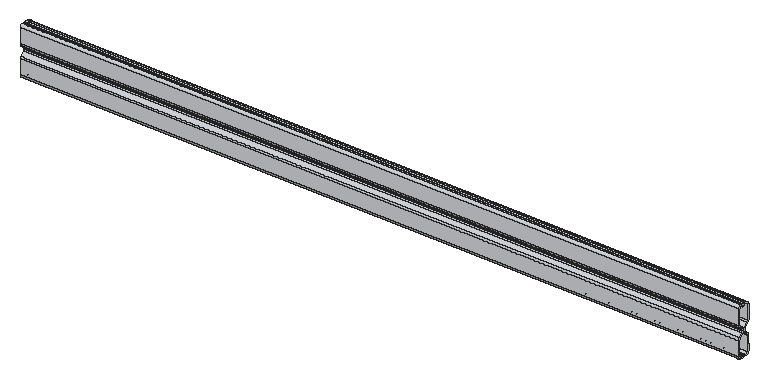
Revit family "SF_TubestC", category Structural Framing, Revit 2022
Family settings
  Section Shape = Not Defined
  Material for Model Behavior = Other
  Always export as geometry = No
  OmniClass Number = 23.25.30.11.14.14
  OmniClass Title = Beams
  Always vertical = Yes
  Cut with Voids When Loaded = No
  Symbolic Representation = From Family
  Shared = No
  Show family pre-cut in plan views = Yes
Parameters (values of type "TUBEST C 200x50x3")
  h = 10 mm
  e = 3 mm
  R2 = 3 mm
  R = 8 mm
  Offset_s = B / 2  # 25 mm
  H = 200 mm
  D = 20 mm
  URL = ""
  Type Comments = ""
  Structural Material [instance] = ASTM A36
  Model = ""
  Manufacturer = ""
  Length [instance] = 3000 mm
  Keynote = ""
  Description = ""
  B = 50 mm
  Assembly Code = ""
Types (3, lengths in mm): name | Offset_s | H | B
  TUBEST C 300x75x3 | 37.5 | 300 | 75
  TUBEST C 250x75x3 | 37.5 | 250 | 75
  TUBEST C 200x50x3 | 25 | 200 | 50
Reference planes
  plane 1 "Center (Front/Back)": y = 0
  plane 2 "Center Elevation": z = 0
  plane 3 "Center (Left/Right)": x = 0
  plane 4 "Left": x = -1500
  plane 5 "Member Left": x = -1250
  plane 6 "Stick Symbol Left": x = -1000
  plane 7 "Right": x = 1500
  plane 8 "Member Right": x = 1250
  plane 9 "Stick Symbol Right": x = 1000
Forms (mm)
  Sweep 1, solid
    path origin (0, 0, 0) x (1, 0, 0) y (0, 1, 0)
      loop
        line (-1500, 0) -> (1500, 0)
    profile "SigmaC : SigmaC" origin (0, 0, 0) x (0, 1, 0) y (0, 0, 1)
      loop
        arc (22, 27.577) -> (21.391, 24.516) -> (19.657, 21.92) r 8
        line (19.657, 21.92) -> (5.515, 7.778)
        arc (5.515, 7.778) -> (3.13, 4.21) -> (2.293, 0) r 11
        arc (2.293, 0) -> (3.13, -4.21) -> (5.515, -7.778) r 11
        line (5.515, -7.778) -> (19.657, -21.92)
        arc (19.657, -21.92) -> (21.391, -24.516) -> (22, -27.577) r 8
        line (22, -27.577) -> (22, -89)
        arc (22, -89) -> (19.657, -94.657) -> (14, -97) r 8
        line (14, -97) -> (6, -97)
        arc (6, -97) -> (3.879, -96.121) -> (3, -94) r 3
        line (3, -94) -> (3, -90) -> (0, -90) -> (0, -94)
        arc (0, -94) -> (1.757, -98.243) -> (6, -100) r 6
        line (6, -100) -> (14, -100)
        arc (14, -100) -> (21.778, -96.778) -> (25, -89) r 11
        line (25, -89) -> (25, -27.577)
        arc (25, -27.577) -> (24.163, -23.368) -> (21.778, -19.799) r 11
        line (21.778, -19.799) -> (7.636, -5.657)
        arc (7.636, -5.657) -> (5.902, -3.061) -> (5.293, 0) r 8
        arc (5.293, 0) -> (5.902, 3.061) -> (7.636, 5.657) r 8
        line (7.636, 5.657) -> (21.778, 19.799)
        arc (21.778, 19.799) -> (24.163, 23.368) -> (25, 27.577) r 11
        line (25, 27.577) -> (25, 89)
        arc (25, 89) -> (21.778, 96.778) -> (14, 100) r 11
        line (14, 100) -> (6, 100)
        arc (6, 100) -> (1.757, 98.243) -> (0, 94) r 6
        line (0, 94) -> (0, 90) -> (3, 90) -> (3, 94)
        arc (3, 94) -> (3.879, 96.121) -> (6, 97) r 3
        line (6, 97) -> (14, 97)
        arc (14, 97) -> (19.657, 94.657) -> (22, 89) r 8
        line (22, 89) -> (22, 27.577)
  Sweep 2, solid
    path origin (0, 0, 0) x (1, 0, 0) y (0, 1, 0)
      loop
        line (-1500, 0) -> (1500, 0)
    profile "SigmaC : SigmaC" origin (0, 0, 0) x (0, 1, 0) y (0, 0, 1)
      loop
        line (-22, 27.577) -> (-22, 89)
        arc (-22, 89) -> (-19.657, 94.657) -> (-14, 97) r 8
        line (-14, 97) -> (-6, 97)
        arc (-6, 97) -> (-3.879, 96.121) -> (-3, 94) r 3
        line (-3, 94) -> (-3, 90) -> (0, 90) -> (0, 94)
        arc (0, 94) -> (-1.757, 98.243) -> (-6, 100) r 6
        line (-6, 100) -> (-14, 100)
        arc (-14, 100) -> (-21.778, 96.778) -> (-25, 89) r 11
        line (-25, 89) -> (-25, 27.577)
        arc (-25, 27.577) -> (-24.163, 23.368) -> (-21.778, 19.799) r 11
        line (-21.778, 19.799) -> (-7.636, 5.657)
        arc (-7.636, 5.657) -> (-5.902, 3.061) -> (-5.293, 0) r 8
        arc (-5.293, 0) -> (-5.902, -3.061) -> (-7.636, -5.657) r 8
        line (-7.636, -5.657) -> (-21.778, -19.799)
        arc (-21.778, -19.799) -> (-24.163, -23.368) -> (-25, -27.577) r 11
        line (-25, -27.577) -> (-25, -89)
        arc (-25, -89) -> (-21.778, -96.778) -> (-14, -100) r 11
        line (-14, -100) -> (-6, -100)
        arc (-6, -100) -> (-1.757, -98.243) -> (0, -94) r 6
        line (0, -94) -> (0, -90) -> (-3, -90) -> (-3, -94)
        arc (-3, -94) -> (-3.879, -96.121) -> (-6, -97) r 3
        line (-6, -97) -> (-14, -97)
        arc (-14, -97) -> (-19.657, -94.657) -> (-22, -89) r 8
        line (-22, -89) -> (-22, -27.577)
        arc (-22, -27.577) -> (-21.391, -24.516) -> (-19.657, -21.92) r 8
        line (-19.657, -21.92) -> (-5.515, -7.778)
        arc (-5.515, -7.778) -> (-3.13, -4.21) -> (-2.293, 0) r 11
        arc (-2.293, 0) -> (-3.13, 4.21) -> (-5.515, 7.778) r 11
        line (-5.515, 7.778) -> (-19.657, 21.92)
        arc (-19.657, 21.92) -> (-21.391, 24.516) -> (-22, 27.577) r 8
Dimensions and locks
  equal spacing: plane 4 "Left", plane 3 "Center (Left/Right)", plane 7 "Right"
  "Length": plane 4 "Left" to plane 7 "Right"
  aligned and locked: level to plane 2 "Center Elevation"
Automatic sketch dimensions
  plane 1 "Center (Front/Back)" to Sweep 1 sketch curve = 0 mm
  Sweep 1 sketch curve to plane 4 "Left" = 0 mm
  Sweep 1 sketch curve to plane 7 "Right" = 0 mm
  plane 1 "Center (Front/Back)" to Sweep 2 sketch curve = 0 mm
  Sweep 2 sketch curve to plane 4 "Left" = 0 mm
  Sweep 2 sketch curve to plane 7 "Right" = 0 mm
